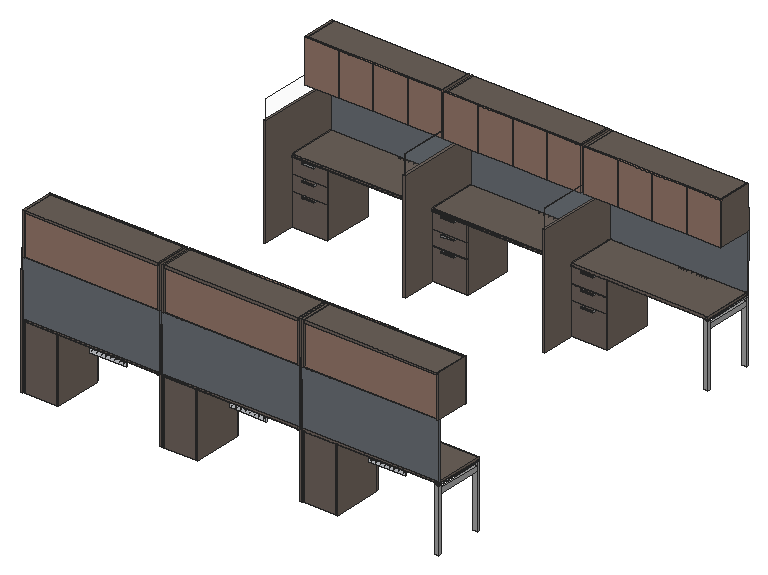
Revit family "OFS TYPICAL T200191", category Furniture, Revit 2022 (continued)
Definition of nested family "STAKS WORKSURFACE HEIGHT PEDESTAL - BOX-BOX-FILE - NO RISER SUPPORT"
  Forms (in)
    Extrusion 11, solid, material <- "Chasis Material"
      sketch origin (-29.79592, -7.12465, 7.24693) x (1, 0, 0) y (0, 0, 1)
        loop
          line (43.71054, 19.90932) -> (57.83554, 19.90932) -> (57.83554, 20.62807) -> (43.71054, 20.62807) -> (43.71054, 19.90932)
      from -15.5 to -11.5
    Extrusion 12, solid, material <- "Chasis Material"
      sketch origin (-31.5409, -1.62465, -42.72261) x (1, 0, 0) y (0, 0, 1)
        loop
          line (45.45551, 42.72261) -> (59.58051, 42.72261) -> (59.58051, 43.47261) -> (45.45551, 43.47261) -> (45.45551, 42.72261)
      from -20.875 to -3
    Extrusion 13, solid
      sketch origin (0, 0, 0) x (1, 0, 0) y (0, 1, 0)
        loop
          line (28.72661, 20.00035) -> (28.03961, 20.00035) -> (28.03961, 13.37535) -> (13.91461, 13.37535) -> (13.91461, 20.00035) -> (13.22711, 20.00035) -> (13.22711, 0.62535) -> (13.91461, 0.62535) -> (13.91461, 4.37535) -> (28.03961, 4.37535) -> (28.03961, 0.62535) -> (28.72661, 0.62535) -> (28.72661, 20.00035)
        loop
          line (28.03961, 5.00035) -> (28.03961, 12.75035) -> (13.91461, 12.75035) -> (13.91461, 5.00035) -> (28.03961, 5.00035)
      from 27.875 to 28
  Dimensions and locks (in)
    "Board Thickness": plane 13 to plane 12
    locked: plane 11 to plane 14 at 0.0625
    "Board Thickness": plane 11 to plane 16
    locked: plane 15 to plane 18 at 0.063
    "Width": plane 11 to plane 18
    Extrusion 7 sketch curve to plane 18 = 0' - 0 3/4"
    "Board Thickness": plane 19 to plane 18
    equal spacing: plane 11, plane 2 "Right", plane 18
    locked: plane 20 to plane 21 at 0.375
    locked: plane 23 to plane 22 at 0.375
    equal spacing: plane 20, plane 2 "Right", plane 22
    "Drawer Handle Width": plane 20 to plane 22
    plane 25 to plane 24 to plane 13 = 0' - 0 3/16" locked, 0' - 0 13/16" locked
    "Riser Support": plane 6 to level
    "Height": plane 3 to plane 6
    "DH1": plane 4 to plane 6
    "DH2": plane 26 to plane 4
    locked: plane 30 to plane 6 at 0.25
    "Board Thickness": plane 31 to plane 17
    "Depth": plane 13 to plane 17
    plane 4 to plane 5 to plane 7 to plane 9 = 0' - 0 1/8" locked, 0' - 0 1/4" locked, 0' - 0.469" locked
    plane 26 to plane 27 to plane 28 to plane 29 = 0' - 0 1/8" locked, 0' - 0 1/4" locked, 0' - 0.469" locked
    plane 3 to plane 8 to plane 10 = 0' - 0 1/4" locked, 0' - 0 15/32" locked
    "Board Thickness": plane 32 to plane 6
    plane 12 to plane 34 to plane 35 = 0' - 3" locked, 0' - 4" locked
    plane 36 to plane 33 to plane 31 = 0' - 4" locked, 0' - 2 1/2" locked
    locked: plane 34 to plane 37 at 0.625
    locked: plane 36 to plane 38 at 0.625
    locked: plane 39 to plane 3 at 0.125
    aligned and locked: level to plane 1
    aligned and locked: Extrusion 1 to plane 14
    aligned and locked: plane 15 to Extrusion 1
    aligned and locked: Extrusion 2 to plane 12
    aligned and locked: plane 13 to Extrusion 2
    aligned and locked: plane 15 to Extrusion 2
    aligned and locked: Extrusion 2 to plane 14
    aligned and locked: plane 12 to Extrusion 3
    aligned and locked: Extrusion 3 to plane 17
    aligned and locked: Extrusion 4 to plane 16
    aligned and locked: plane 16 to Extrusion 3
    aligned and locked: Extrusion 3 to plane 11
    aligned and locked: Extrusion 4 to plane 17
    aligned and locked: Extrusion 1 sketch curve to plane 12
    aligned and locked: plane 13 to Extrusion 1 sketch curve
    aligned and locked: plane 19 to Extrusion 4
    aligned and locked: plane 3 to Extrusion 3
    aligned and locked: Extrusion 6 to plane 22
    aligned and locked: Extrusion 5 to plane 22
    aligned and locked: plane 23 to Extrusion 6
    aligned and locked: plane 23 to Extrusion 5
    aligned and locked: plane 21 to Extrusion 6
    aligned and locked: plane 21 to Extrusion 5
    aligned and locked: Extrusion 6 to plane 20
    aligned and locked: Extrusion 5 to plane 20
    aligned and locked: plane 24 to Extrusion 6
    aligned and locked: plane 7 to Extrusion 5
    aligned and locked: Extrusion 5 to plane 9
    aligned and locked: plane 3 to Extrusion 4
    aligned and locked: plane 27 to Extrusion 2
    aligned and locked: Extrusion 6 to plane 29
    aligned and locked: plane 28 to Extrusion 6
    aligned and locked: Extrusion 1 to plane 30
    aligned and locked: Extrusion 8 to plane 26
    aligned and locked: plane 3 to Extrusion 8
    aligned and locked: Extrusion 9 to plane 10
    aligned and locked: plane 8 to Extrusion 9
    aligned and locked: Extrusion 7 to plane 19
    aligned and locked: Extrusion 8 to plane 14
    aligned and locked: plane 15 to Extrusion 8
    aligned and locked: plane 3 to Extrusion 7
    aligned and locked: Extrusion 7 to plane 6
    aligned and locked: plane 3 to Extrusion 10
    aligned and locked: Extrusion 10 to plane 10
    aligned and locked: plane 19 to Extrusion 10
    aligned and locked: Extrusion 10 to plane 16
    aligned and locked: Extrusion 10 to plane 33
    aligned and locked: plane 36 to Extrusion 10
    aligned and locked: plane 34 to Extrusion 11
    aligned and locked: Extrusion 11 to plane 35
    aligned and locked: plane 3 to Extrusion 11
    aligned and locked: Extrusion 11 to plane 10
    aligned and locked: plane 32 to Extrusion 12
    aligned and locked: Extrusion 12 to plane 6
    aligned and locked: Extrusion 12 to plane 31
    aligned and locked: plane 12 to Extrusion 12
    aligned and locked: plane 19 to Extrusion 12
    aligned and locked: Extrusion 12 to plane 16
    aligned and locked: Extrusion 13 to plane 3
    aligned and locked: plane 39 to Extrusion 13
  Automatic sketch dimensions
    Extrusion 1 sketch curve to plane 30 = 0' - 0"
    Extrusion 1 sketch curve to plane 5 = 0' - 0"
    Extrusion 2 sketch curve to plane 13 = 0' - 0"
    Extrusion 2 sketch curve to plane 4 = 0' - 0"
    Extrusion 2 sketch curve to plane 12 = 0' - 0"
    Extrusion 2 sketch curve to plane 27 = 0' - 0"
    Extrusion 3 sketch curve to plane 6 = 0' - 0"
    Extrusion 3 sketch curve to plane 11 = 0' - 0"
    Extrusion 3 sketch curve to plane 3 = 0' - 0"
    Extrusion 3 sketch curve to plane 16 = 0' - 0"
    Extrusion 4 sketch curve to plane 6 = 0' - 0"
    Extrusion 4 sketch curve to plane 3 = 0' - 0"
    Extrusion 4 sketch curve to plane 17 = 0' - 0"
    plane 31 to Extrusion 4 sketch curve = 0' - 0"
    plane 13 to Extrusion 5 sketch curve = 0' - 0"  (x2)
    Extrusion 5 sketch curve to plane 20 = 0' - 0"
    Extrusion 5 sketch curve to plane 21 = 0' - 0"
    Extrusion 5 sketch curve to plane 23 = 0' - 0"
    Extrusion 5 sketch curve to plane 22 = 0' - 0"
    plane 25 to Extrusion 5 sketch curve = 0' - 0"
    plane 24 to Extrusion 5 sketch curve = 0' - 0"
    plane 13 to Extrusion 6 sketch curve = 0' - 0"  (x2)
    Extrusion 6 sketch curve to plane 20 = 0' - 0"
    Extrusion 6 sketch curve to plane 21 = 0' - 0"
    Extrusion 6 sketch curve to plane 23 = 0' - 0"
    Extrusion 6 sketch curve to plane 22 = 0' - 0"
    plane 25 to Extrusion 6 sketch curve = 0' - 0"
    plane 24 to Extrusion 6 sketch curve = 0' - 0"
    plane 12 to Extrusion 7 sketch curve = 0' - 0"
    Extrusion 7 sketch curve to plane 18 = 0' - 0"
    plane 17 to Extrusion 7 sketch curve = 0' - 0"
    Extrusion 8 sketch curve to plane 3 = 0' - 0"
    Extrusion 8 sketch curve to plane 13 = 0' - 0"
    Extrusion 8 sketch curve to plane 12 = 0' - 0"
    Extrusion 8 sketch curve to plane 26 = 0' - 0"
    plane 13 to Extrusion 9 sketch curve = 0' - 0"  (x2)
    Extrusion 9 sketch curve to plane 20 = 0' - 0"
    Extrusion 9 sketch curve to plane 21 = 0' - 0"
    Extrusion 9 sketch curve to plane 23 = 0' - 0"
    Extrusion 9 sketch curve to plane 22 = 0' - 0"
    plane 25 to Extrusion 9 sketch curve = 0' - 0"
    plane 24 to Extrusion 9 sketch curve = 0' - 0"
    Extrusion 10 sketch curve to plane 10 = 0' - 0"
    Extrusion 10 sketch curve to plane 16 = 0' - 0"
    Extrusion 10 sketch curve to plane 3 = 0' - 0"
    Extrusion 10 sketch curve to plane 19 = 0' - 0"
    Extrusion 11 sketch curve to plane 10 = 0' - 0"
    Extrusion 11 sketch curve to plane 16 = 0' - 0"
    Extrusion 11 sketch curve to plane 3 = 0' - 0"
    Extrusion 11 sketch curve to plane 19 = 0' - 0"
    plane 14 to Extrusion 12 sketch curve = 0' - 0 11/16"
    Extrusion 12 sketch curve to plane 6 = 0' - 0"
    plane 6 to Extrusion 12 sketch curve = 0' - 0 3/4"
    Extrusion 12 sketch curve to plane 19 = 0' - 0"
    Extrusion 13 sketch curve to plane 14 = 0' - 0"
    Extrusion 13 sketch curve to plane 19 = 0' - 0"  (x2)
    Extrusion 13 sketch curve to plane 15 = 0' - 0"
    plane 13 to Extrusion 13 sketch curve = 0' - 0"  (x2)
    Extrusion 13 sketch curve to plane 34 = 0' - 0"
    Extrusion 13 sketch curve to plane 37 = 0' - 0"
    Extrusion 13 sketch curve to plane 38 = 0' - 0"
    Extrusion 13 sketch curve to plane 36 = 0' - 0"
    Extrusion 13 sketch curve to Extrusion 13 sketch curve = 0' - 0"  (x2)
    Extrusion 13 sketch curve to plane 16 = 0' - 0"  (x2)
    plane 17 to Extrusion 13 sketch curve = 0' - 0"  (x2)
Definition of nested family "STAKS WALLMOUNT ORGANIZER WITH DOORS Four Doors"
  Parameters (values of type "STAKS WALLMOUNT ORGANIZER WITH DOORS Four Doors 54in W")
    URL = "http://www.ofs.com/"
    Top Board Thickness = 0' - 1 1/16"
    Height Above Floor [instance] = 5' - 11 1/2"
    Height = 1' - 6 1/2"
    Front Doors Material = none
    Default Elevation = 0' - 0"
    Back Material = none
    Depth = 1' - 3"
    Model = "6-5419HDW4"
    Manufacturer = "OFS"
    Description = "OFS STAKS WALLMOUNT ORGANIZER WITH DOORS Four Hinged Doors 54\" Width, for use with 54\"W Modular Units"
    Width = 4' - 6"
    Copyright © = "© 2018 OFS"
    Catalog = "https://ofs.com/products/casegoods/private-office/staks"
    Board Material = none
    Board Thickness = 0' - 0 3/4"
    Authoring Version = "Autodesk Revit Architecture 2013"
    Assembly Code = "E2020200"
    2D Symbol Lines [instance] = yes
  Types (6): name | Model | Description | Width
    STAKS WALLMOUNT ORGANIZER WITH DOORS Four Doors 54in W | "6-5419HDW4" | "OFS STAKS WALLMOUNT ORGANIZER WITH DOORS Four Hinged Doors 54\" Width, for use with 54\"W Modular Units" | 4' - 6"
    STAKS WALLMOUNT ORGANIZER WITH DOORS Four Doors 60in W | "6-6019HDW4" | "OFS STAKS WALLMOUNT ORGANIZER WITH DOORS Four Hinged Doors 60\" Width, for use with 60\"W Credenzas" | 5' - 0"
    STAKS WALLMOUNT ORGANIZER WITH DOORS Four Doors 66in W | "6-6619HDW4" | "OFS STAKS WALLMOUNT ORGANIZER WITH DOORS Four Hinged Doors 66\" Width, for use with 66\"W Credenzas" | 5' - 6"
    STAKS WALLMOUNT ORGANIZER WITH DOORS Four Doors 72in W | "6-7219HDW4" | "OFS STAKS WALLMOUNT ORGANIZER WITH DOORS Four Hinged Doors 72\" Width, for use with 72\"W Credenzas or 30\"W Desk and 42\"W Return" | 6' - 0"
    STAKS WALLMOUNT ORGANIZER WITH DOORS Four Doors 78in W | "6-7819HDW4" | "OFS STAKS WALLMOUNT ORGANIZER WITH DOORS Four Hinged Doors 78\" Width, for use with L Units Comprised of 36\"W Desk and 42\"W Return or 30\"W Desk and 48\"W Return" | 6' - 6"
    STAKS WALLMOUNT ORGANIZER WITH DOORS Four Doors 84in W | "6-8419HDW4" | "OFS STAKS WALLMOUNT ORGANIZER WITH DOORS Four Hinged Doors 84\" Width, for use with L Units Comprised of 36\"W Desk and 48\"W Return" | 7' - 0"
  Reference planes (in)
    plane 1: z = -0.125
    plane 2 "LEFT": x = 0.05498
    plane 3 "RIGHT": x = 54.05498
    plane 4 "BACK": y = -1.83365
    plane 5 "FRONT": y = -15.33365
    plane 6: x = 0.80498
    plane 7: x = 53.30498
    plane 8: z = 52.875
    plane 9 "SURFACE TOP": z = 71.375
    plane 10: x = 27.05498
    plane 11: z = 70.3125
    plane 12: y = -8.58365
    plane 13: y = -8.20865
    plane 14: y = -8.95865
    plane 15: x = 27.42998
    plane 16: x = 26.67998
    plane 17: y = -1.08365
    plane 18: y = -16.08365
    plane 19: x = 53.99248
    plane 20: x = 0.11748
    plane 21: x = 27.08623
    plane 22: x = 27.02373
    plane 23: z = 54.125
    plane 24: z = 54.875
    plane 25: y = -1.58365
    plane 26: y = -2.33365
    plane 27: y = -13.83365
    plane 28: y = -14.58365
    plane 29: x = 40.55498
    plane 30: x = 40.92998
    plane 31: x = 40.17998
    plane 32: x = 40.58623
    plane 33: x = 40.52373
    plane 34: x = 13.55498
    plane 35: x = 13.17998
    plane 36: x = 13.92998
    plane 37: x = 13.52373
    plane 38: x = 13.58623
  Forms (in)
    Extrusion 1, solid, material <- "Board Material"
      sketch origin (0, 0, 71.375) x (0, 1, 0) y (-1, 0, 0)
        loop
          line (-2.33365, -0.80498) -> (-15.33365, -0.80498) -> (-15.33365, -53.30498) -> (-2.33365, -53.30498) -> (-2.33365, -0.80498)
      from -16.5 to -17.25
    Extrusion 2, solid, material <- "Board Material"
      sketch origin (0, 0, 71.375) x (0, 1, 0) y (-1, 0, 0)
        loop
          line (-1.08365, -0.80498) -> (-1.08365, -0.05498) -> (-15.33365, -0.05498) -> (-15.33365, -0.80498) -> (-1.08365, -0.80498)
        loop
          line (-1.08365, -54.05498) -> (-1.08365, -53.30498) -> (-15.33365, -53.30498) -> (-15.33365, -54.05498) -> (-1.08365, -54.05498)
      from 0 to -18.5
    Extrusion 3, solid, material <- "Board Material"
      sketch origin (0, 0, 27.375) x (0, 1, 0) y (-1, 0, 0)
        loop
          line (-1.08365, -0.80498) -> (-15.33365, -0.80498) -> (-15.33365, -53.30498) -> (-1.08365, -53.30498) -> (-1.08365, -0.80498)
      from 44 to 42.9375
    Extrusion 4, solid, material <- "Back Material"
      sketch origin (30.99601, 21.63396, 71.375) x (0, 1, 0) y (-1, 0, 0)
        loop
          line (-23.21762, 30.19103) -> (-23.96762, 30.19103) -> (-23.96762, -22.30897) -> (-23.21762, -22.30897) -> (-23.21762, 30.19103)
      from -1.0625 to -18.5
    Extrusion 5, solid, material <- "Front Doors Material"
      sketch origin (15.4691, -10.89295, 71.375) x (0, 1, 0) y (-1, 0, 0)
        loop
          line (-4.4407, -11.61714) -> (-5.1907, -11.61714) -> (-5.1907, -25.05464) -> (-4.4407, -25.05464) -> (-4.4407, -11.61714)
      from 0 to -18.5
    Extrusion 6, solid, material <- "Front Doors Material"
      sketch origin (38.64087, -10.89295, 71.375) x (0, 1, 0) y (-1, 0, 0)
        loop
          line (-4.4407, 25.11714) -> (-4.4407, 38.52339) -> (-5.1907, 38.52339) -> (-5.1907, 25.11714) -> (-4.4407, 25.11714)
      from 0 to -18.5
    Extrusion 7, solid, material <- "Board Material"
      sketch origin (0, -9.75, 71.375) x (0, 1, 0) y (-1, 0, 0)
        loop
          line (-4.08365, -0.80498) -> (-4.83365, -0.80498) -> (-4.83365, -53.30498) -> (-4.08365, -53.30498) -> (-4.08365, -0.80498)
      from -17.25 to -18.5
    Extrusion 8, solid, material <- "Front Doors Material"
      sketch origin (38.64087, -10.89295, 71.375) x (0, 1, 0) y (-1, 0, 0)
        loop
          line (-4.4407, 11.61714) -> (-4.4407, 25.05464) -> (-5.1907, 25.05464) -> (-5.1907, 11.61714) -> (-4.4407, 11.61714)
      from 0 to -18.5
    Extrusion 9, solid, material <- "Front Doors Material"
      sketch origin (15.4691, -10.89295, 71.375) x (0, 1, 0) y (-1, 0, 0)
        loop
          line (-4.4407, -25.11714) -> (-5.1907, -25.11714) -> (-5.1907, -38.52339) -> (-4.4407, -38.52339) -> (-4.4407, -25.11714)
      from 0 to -18.5
  Dimensions and locks (in)
    "Width": plane 2 "LEFT" to plane 3 "RIGHT"
    "Height": plane 9 "SURFACE TOP" to plane 8
    "Board Thickness": plane 2 "LEFT" to plane 6
    "Board Thickness": plane 7 to plane 3 "RIGHT"
    "Height Above Floor": plane 9 "SURFACE TOP" to level
    "Top Board Thickness": plane 9 "SURFACE TOP" to plane 11
    equal spacing: plane 4 "BACK", plane 12, plane 5 "FRONT"
    equal spacing: plane 13, plane 12, plane 14
    "Board Thickness": plane 13 to plane 14
    equal spacing: plane 16, plane 10, plane 15
    "Board Thickness": plane 16 to plane 15
    "Depth": plane 17 to plane 18
    "Board Thickness": plane 17 to plane 4 "BACK"
    "Board Thickness": plane 5 "FRONT" to plane 18
    locked: plane 19 to plane 3 "RIGHT" at 0.0625
    locked: plane 2 "LEFT" to plane 20 at 0.0625
    plane 22 to plane 10 to plane 21 = 0' - 0 1/32" locked, 0' - 0 1/32" locked
    locked: plane 23 to plane 8 at 1.25
    "Board Thickness": plane 24 to plane 23
    locked: plane 17 to plane 25 at 0.5
    "Board Thickness": plane 25 to plane 26
    locked: plane 28 to plane 5 "FRONT" at 0.75
    "Board Thickness": plane 27 to plane 28
    equal spacing: plane 31, plane 29, plane 30
    plane 33 to plane 29 to plane 32 = 0' - 0 1/32" locked, 0' - 0 1/32" locked
    equal spacing: plane 36, plane 34, plane 35
    plane 38 to plane 34 to plane 37 = 0' - 0 1/32" locked, 0' - 0 1/32" locked
    equal spacing: plane 2 "LEFT", plane 34, plane 10, plane 29, plane 3 "RIGHT"
    aligned: level to plane 1
    aligned and locked: plane 6 to Extrusion 1 sketch curve
    aligned and locked: plane 5 "FRONT" to Extrusion 1 sketch curve
    aligned and locked: Extrusion 1 sketch curve to plane 7
    aligned and locked: Extrusion 2 sketch curve to plane 5 "FRONT"
    aligned and locked: Extrusion 2 sketch curve to plane 2 "LEFT"
    aligned and locked: plane 3 "RIGHT" to Extrusion 2 sketch curve
    aligned and locked: plane 9 "SURFACE TOP" to Extrusion 3
    aligned and locked: Extrusion 3 to plane 11
    aligned and locked: Extrusion 3 to plane 5 "FRONT"
    aligned and locked: Extrusion 3 to plane 6
    aligned and locked: plane 7 to Extrusion 3
    aligned and locked: Extrusion 4 to plane 8
    aligned and locked: plane 9 "SURFACE TOP" to Extrusion 5
    aligned and locked: Extrusion 5 to plane 8
    aligned and locked: plane 5 "FRONT" to Extrusion 5
    aligned and locked: Extrusion 5 to plane 18
    aligned and locked: Extrusion 5 to plane 21
    aligned and locked: plane 5 "FRONT" to Extrusion 6
    aligned and locked: Extrusion 6 to plane 18
    aligned and locked: Extrusion 6 to plane 8
    aligned and locked: plane 17 to Extrusion 3
    aligned and locked: plane 17 to Extrusion 2
    aligned and locked: Extrusion 4 to plane 6
    aligned and locked: plane 7 to Extrusion 4
    aligned and locked: plane 11 to Extrusion 4
    aligned and locked: plane 25 to Extrusion 4
    aligned and locked: Extrusion 4 to plane 26
    aligned and locked: plane 26 to Extrusion 1
    aligned and locked: Extrusion 7 to plane 8
    aligned and locked: plane 23 to Extrusion 7
    aligned and locked: plane 28 to Extrusion 7
    aligned and locked: Extrusion 7 to plane 27
    aligned and locked: Extrusion 7 to plane 6
    aligned and locked: plane 7 to Extrusion 7
    aligned and locked: Extrusion 2 to plane 8
    aligned and locked: Extrusion 1 to plane 23
    aligned and locked: plane 24 to Extrusion 1
    aligned and locked: Extrusion 6 to plane 20
    aligned and locked: Extrusion 6 to plane 37
    aligned and locked: Extrusion 5 to plane 33
    aligned and locked: plane 19 to Extrusion 9
    aligned and locked: Extrusion 9 to plane 18
    aligned and locked: plane 5 "FRONT" to Extrusion 9
    aligned and locked: Extrusion 9 to plane 32
    aligned and locked: Extrusion 8 to plane 22
    aligned and locked: Extrusion 8 to plane 18
    aligned and locked: plane 5 "FRONT" to Extrusion 8
    aligned and locked: Extrusion 8 to plane 38
    aligned and locked: Extrusion 8 to plane 8
    aligned and locked: plane 9 "SURFACE TOP" to Extrusion 8
    aligned and locked: plane 9 "SURFACE TOP" to Extrusion 9
    aligned and locked: Extrusion 9 to plane 8
  Automatic sketch dimensions
    Extrusion 1 sketch curve to plane 26 = 0' - 0"
    Extrusion 2 sketch curve to plane 5 "FRONT" = 0' - 0"
    Extrusion 2 sketch curve to plane 7 = 0' - 0"
    Extrusion 2 sketch curve to plane 17 = 0' - 0"  (x2)
    Extrusion 2 sketch curve to plane 6 = 0' - 0"
    Extrusion 3 sketch curve to plane 5 "FRONT" = 0' - 0"
    Extrusion 3 sketch curve to plane 6 = 0' - 0"
    Extrusion 3 sketch curve to plane 17 = 0' - 0"
    Extrusion 3 sketch curve to plane 7 = 0' - 0"
    Extrusion 4 sketch curve to plane 6 = 0' - 0"
    Extrusion 4 sketch curve to plane 26 = 0' - 0"
    Extrusion 4 sketch curve to plane 25 = 0' - 0"
    Extrusion 4 sketch curve to plane 7 = 0' - 0"
    Extrusion 5 sketch curve to plane 18 = 0' - 0"
    Extrusion 5 sketch curve to plane 5 "FRONT" = 0' - 0"
    Extrusion 5 sketch curve to plane 33 = 0' - 0"
    Extrusion 5 sketch curve to plane 21 = 0' - 0"
    Extrusion 6 sketch curve to plane 18 = 0' - 0"
    Extrusion 6 sketch curve to plane 5 "FRONT" = 0' - 0"
    Extrusion 6 sketch curve to plane 20 = 0' - 0"
    Extrusion 6 sketch curve to plane 37 = 0' - 0"
    Extrusion 7 sketch curve to plane 6 = 0' - 0"
    Extrusion 7 sketch curve to plane 28 = 0' - 0"
    Extrusion 7 sketch curve to plane 27 = 0' - 0"
    Extrusion 7 sketch curve to plane 7 = 0' - 0"
    Extrusion 8 sketch curve to plane 18 = 0' - 0"
    plane 5 "FRONT" to Extrusion 8 sketch curve = 0' - 0"
    Extrusion 8 sketch curve to plane 38 = 0' - 0"
    Extrusion 8 sketch curve to plane 22 = 0' - 0"
    plane 18 to Extrusion 9 sketch curve = 0' - 0"
    Extrusion 9 sketch curve to plane 5 "FRONT" = 0' - 0"
    Extrusion 9 sketch curve to plane 19 = 0' - 0"
    plane 32 to Extrusion 9 sketch curve = 0' - 0"
Definition of nested family "STAKS TACKBOARD ONE-PIECE Fabric"
  Parameters (values of type "STAKS ONE-PIECE TACKBOARD Fabric 30in")
    Width = 2' - 6"
    URL = "http://www.ofs.com/"
    Height from Floor = 2' - 4 5/8"
    Height = 2' - 0 1/4"
    Model = "FT2205"
    Manufacturer = "OFS"
    Description = "OFS STAKS ONE-PIECE TACKBOARD Fabric 30\", Use with 30\"W Wallmount Organizers"
    Depth = 0' - 0 1/2"
    Default Elevation = 0' - 0"
    Copyright © = "© 2018 OFS"
    Catalog = "https://ofs.com/products/casegoods/private-office/staks"
    Authoring Version = "Autodesk Revit Architecture 2013"
    Assembly Code = "E2020200"
    Surface Material = none
  Types (14): name | Width | Model | Description
    (no name) | 2' - 6" | "FT2205" | "OFS STAKS ONE-PIECE TACKBOARD Fabric 30\", Use with 30\"W Wallmount Organizers"
    STAKS ONE-PIECE TACKBOARD Fabric 30in | 2' - 6" | "FT2205" | "OFS STAKS ONE-PIECE TACKBOARD Fabric 30\", Use with 30\"W Wallmount Organizers"
    STAKS ONE-PIECE TACKBOARD Fabric 36in | 3' - 0" | "FT2204" | "OFS STAKS ONE-PIECE TACKBOARD Fabric 36\", Use with 36\"W Wallmount Organizers"
    STAKS ONE-PIECE TACKBOARD Fabric 42in | 3' - 6" | "FT2203" | "OFS STAKS ONE-PIECE TACKBOARD Fabric 42\", Use with 42\"W Wallmount Organizers"
    STAKS ONE-PIECE TACKBOARD Fabric 48in | 4' - 0" | "FT2202" | "OFS STAKS ONE-PIECE TACKBOARD Fabric 48\", Use with 48\"W Wallmount Organizers"
    STAKS ONE-PIECE TACKBOARD Fabric 54in | 4' - 6" | "FT2201" | "OFS STAKS ONE-PIECE TACKBOARD Fabric 54\", Use with 54\"W Wallmount Organizers"
    STAKS ONE-PIECE TACKBOARD Fabric 60in | 5' - 0" | "FT2200" | "OFS STAKS ONE-PIECE TACKBOARD Fabric 60\", Use with 60\"W Wallmount Organizers"
    STAKS ONE-PIECE TACKBOARD Fabric 66in | 5' - 6" | "FT2199" | "OFS STAKS ONE-PIECE TACKBOARD Fabric 66\", Use with 66\"W Wallmount Organizers"
    STAKS ONE-PIECE TACKBOARD Fabric 72in | 6' - 0" | "FT2198" | "OFS STAKS ONE-PIECE TACKBOARD Fabric 72\", Use with 72\"W Wallmount Organizers"
    STAKS ONE-PIECE TACKBOARD Fabric 78in | 6' - 6" | "FT2197" | "OFS STAKS ONE-PIECE TACKBOARD Fabric 78\", Use with 78\"W Wallmount Organizers"
    STAKS ONE-PIECE TACKBOARD Fabric 84in | 7' - 0" | "FT2196" | "OFS STAKS ONE-PIECE TACKBOARD Fabric 84\", Use with 84\"W Wallmount Organizers"
    STAKS ONE-PIECE TACKBOARD Fabric 90in | 7' - 6" | "FT2195" | "OFS STAKS ONE-PIECE TACKBOARD Fabric 90\", Use with 90\"W Wallmount Organizers"
    STAKS ONE-PIECE TACKBOARD Fabric 94in | 7' - 10" | "FT2194" | "OFS STAKS ONE-PIECE TACKBOARD Fabric 94\", Use with 94\"W Wallmount Organizers"
    STAKS ONE-PIECE TACKBOARD Fabric 96in | 8' - 0" | "FT2193" | "OFS STAKS ONE-PIECE TACKBOARD Fabric 96\", Use with 96\"W Wallmount Organizers"
  Reference planes (in)
    plane 1 "Center (Front/Back)": y = 0
    plane 2: z = 0
    plane 3 "Center (Left/Right)": x = 0
    plane 4: x = 15
    plane 5: x = -15
    plane 6: y = 0.25
    plane 7: y = -0.25
    plane 8: z = 28.625
    plane 9: z = 52.875
  Forms (in)
    Extrusion 1, solid, material <- "Surface Material"
      sketch origin (3.56329, 81.33771, 7) x (-1, 0, 0) y (0, -1, 0)
        loop
          line (18.56329, 81.08771) -> (18.56329, 81.58771) -> (-11.43671, 81.58771) -> (-11.43671, 81.08771) -> (18.56329, 81.08771)
      from 45.875 to 21.625
  Dimensions and locks (in)
    equal spacing: plane 5, plane 3 "Center (Left/Right)", plane 4
    "Width": plane 5 to plane 4
    "Depth": plane 6 to plane 7
    equal spacing: plane 7, plane 1 "Center (Front/Back)", plane 6
    "Height": plane 9 to plane 8
    "Height from Floor": plane 8 to level
    aligned and locked: level to plane 2
    aligned and locked: plane 5 to Extrusion 1 sketch curve
    aligned and locked: Extrusion 1 sketch curve to plane 7
    aligned and locked: Extrusion 1 sketch curve to plane 6
    aligned and locked: Extrusion 1 sketch curve to plane 4
    aligned and locked: plane 9 to Extrusion 1
    aligned and locked: Extrusion 1 to plane 8
